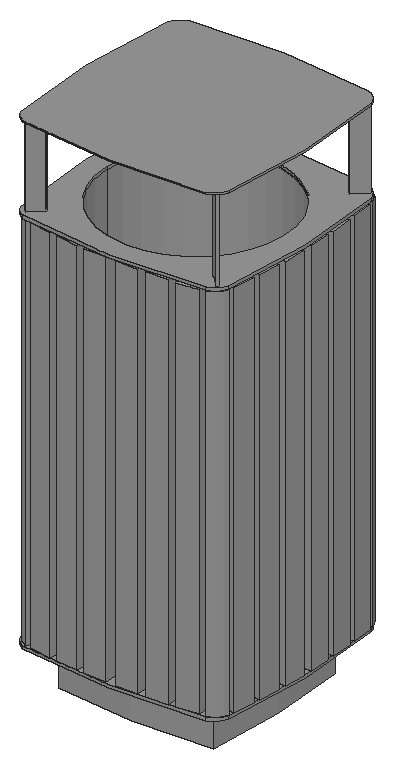
Revit family "52967 Урна «Стеллар Вуд» квадратная с крышкой Хоббика", category Антураж, Revit 2018
Family settings
  На основе рабочей плоскости = Нет
  Всегда вертикально = Да
  При загрузке вырезать с полостями = Нет
  Источник визуального образа = Геометрия семейства
  Общий = Нет
  Точка расчета площади = Нет
Parameters (values of type "Урна «Стеллар Вуд» квадратная с крышкой")
  Ширина = 400 mm  # constant formula
  Цвет урны = Сталь
  Цвет отделки = Дерево
  Описание = "Урна «Стеллар Вуд» квадратная с крышкой"  # constant formula
  Материал изделия = "Сталь, дерево"  # constant formula
  Изображение типоразмера = Урна «Стеллар Вуд» квадратная с крышкой Арт 52967.jpg
  Изготовитель = "ООО «Хоббика»"  # constant formula
  Длина = 400 mm  # constant formula
  Группа модели = "Уличные урны"  # constant formula
  Высота = 940 mm  # constant formula
  Артикул товара = "Арт. 52967"  # constant formula
  URL = "https://hobbyka.ru/product/urna_stellar_kvadratnaya_s_kryshkoy/"
Reference planes
  plane 1 "По центру (Вперед/Назад)": y = 0
  plane 2: z = 0
  plane 3 "По центру (Влево/Вправо)": x = 0
  plane 4: x = 400
  plane 5: y = 400
  plane 6: z = 940
Forms (mm)
  Extrusion 1, solid, material "Сталь" <- "Цвет урны"
    sketch origin (0, 0, 0) x (1, 0, 0) y (0, 1, 0)
      loop
        arc (35, 388.124) -> (20.967, 379.033) -> (11.876, 365) r 40
        arc (11.876, 365) -> (-0.682, 197.5) -> (11.876, 30) r 1123.39
        arc (11.876, 30) -> (19.523, 19.523) -> (30, 11.876) r 42.042
        arc (30, 11.876) -> (197.5, -0.682) -> (365, 11.876) r 1123.39
        arc (365, 11.876) -> (379.033, 20.967) -> (388.124, 35) r 40
        arc (388.124, 35) -> (399.947, 197.5) -> (388.124, 360) r 1122.655
        arc (388.124, 360) -> (377.975, 377.975) -> (360, 388.124) r 38.503
        arc (360, 388.124) -> (197.5, 399.947) -> (35, 388.124) r 1122.655
      loop
        circle (197.5, 197.5) r 162.156
    from 780 to 785
  Extrusion 2, solid, material "Сталь" <- "Цвет урны"
    sketch origin (0, 0, 0) x (1, 0, 0) y (0, 1, 0)
      loop
        arc (35, 388.124) -> (20.967, 379.033) -> (11.876, 365) r 40
        arc (11.876, 365) -> (-0.682, 197.5) -> (11.876, 30) r 1123.39
        arc (11.876, 30) -> (19.523, 19.523) -> (30, 11.876) r 42.042
        arc (30, 11.876) -> (197.5, -0.682) -> (365, 11.876) r 1123.39
        arc (365, 11.876) -> (379.033, 20.967) -> (388.124, 35) r 40
        arc (388.124, 35) -> (399.947, 197.5) -> (388.124, 360) r 1122.655
        arc (388.124, 360) -> (377.975, 377.975) -> (360, 388.124) r 38.503
        arc (360, 388.124) -> (197.5, 399.947) -> (35, 388.124) r 1122.655
    from 75 to 80
  Extrusion 3, solid, material "Сталь" <- "Цвет урны"
    sketch origin (0, 0, 0) x (1, 0, 0) y (0, 1, 0)
      loop
        arc (340.981, 59.019) -> (349.958, 197.498) -> (340.982, 335.978) r 1072.666
        arc (340.982, 335.978) -> (200.022, 345.654) -> (59.019, 336.644) r 1068.365
        arc (59.019, 336.644) -> (49.956, 197.5) -> (59.019, 58.356) r 1072.752
        arc (59.019, 58.356) -> (200.022, 49.388) -> (340.981, 59.019) r 1073.323
    from 0 to 75
  Extrusion 4, solid, material "Сталь" <- "Цвет урны"
    sketch origin (0, 0, 0) x (1, 0, 0) y (0, 1, 0)
      loop
        arc (354.305, 349.302) -> (200.026, 360.706) -> (45.695, 350.021) r 1083.417
        arc (45.695, 350.021) -> (34.949, 197.5) -> (45.695, 44.979) r 1087.759
        arc (45.695, 44.979) -> (200.026, 34.343) -> (354.305, 45.695) r 1088.368
        arc (354.305, 45.695) -> (364.951, 197.498) -> (354.305, 349.302) r 1087.659
    from 80 to 780
  Extrusion 5, void
    sketch origin (0, 0, 0) x (1, 0, 0) y (0, 1, 0)
      loop
        circle (197.5, 197.5) r 162.156
    from 88.012 to 836.055
  Extrusion 6, solid, material "Дерево" <- "Цвет отделки"
    sketch origin (0, 0, 0) x (1, 0, 0) y (0, 1, 0)
      loop
        arc (35, 388.124) -> (20.967, 379.033) -> (11.876, 365) r 40
        line (11.876, 365) -> (40.927, 356.291)
        arc (40.927, 356.291) -> (42.18, 357.82) -> (43.709, 359.073) r 10
        line (43.709, 359.073) -> (35, 388.124)
      loop
        arc (11.876, 35) -> (20.967, 20.967) -> (35, 11.876) r 40
        line (35, 11.876) -> (43.709, 40.927)
        arc (43.709, 40.927) -> (42.18, 42.18) -> (40.927, 43.709) r 10
        line (40.927, 43.709) -> (11.876, 35)
      loop
        arc (365, 11.876) -> (379.033, 20.967) -> (388.124, 35) r 40
        line (388.124, 35) -> (359.073, 43.709)
        arc (359.073, 43.709) -> (357.82, 42.18) -> (356.291, 40.927) r 10
        line (356.291, 40.927) -> (365, 11.876)
      loop
        arc (388.124, 365) -> (379.033, 379.033) -> (365, 388.124) r 40
        line (365, 388.124) -> (356.291, 359.073)
        arc (356.291, 359.073) -> (357.82, 357.82) -> (359.073, 356.291) r 10
        line (359.073, 356.291) -> (388.124, 365)
    from 82 to 778
  Extrusion 7, solid, material "Дерево" <- "Цвет отделки"
    sketch origin (0, 0, 0) x (1, 0, 0) y (0, 1, 0)
      loop
        arc (84.615, 394.285) -> (64.736, 392.087) -> (44.9, 389.534) r 1117.708
        line (44.9, 389.534) -> (48.996, 359.815)
        arc (48.996, 359.815) -> (68.3, 362.299) -> (87.645, 364.438) r 1087.708
        line (87.645, 364.438) -> (84.615, 394.285)
    from 82 to 778
  Extrusion 8, solid, material "Дерево" <- "Цвет отделки"
    sketch origin (176.047, 26.193, 0) x (0.971782, -0.235882, 0) y (0.235882, 0.971782, 0)
      loop
        arc (88.294, 395.323) -> (68.416, 393.125) -> (48.58, 390.572) r 1117.708
        line (48.58, 390.572) -> (52.675, 360.853)
        arc (52.675, 360.853) -> (71.979, 363.338) -> (91.324, 365.477) r 1087.708
        line (91.324, 365.477) -> (88.294, 395.323)
    from 82 to 778
  Extrusion 9, solid, material "Дерево" <- "Цвет отделки"
    sketch origin (34.63, 8.583, 0) x (0.998866, -0.047607, 0) y (0.047607, 0.998866, 0)
      loop
        arc (84.377, 394.279) -> (64.498, 392.081) -> (44.662, 389.528) r 1117.708
        line (44.662, 389.528) -> (48.758, 359.809)
        arc (48.758, 359.809) -> (68.062, 362.294) -> (87.407, 364.433) r 1087.708
        line (87.407, 364.433) -> (84.377, 394.279)
    from 82 to 778
  Extrusion 10, solid, material "Дерево" <- "Цвет отделки"
    sketch origin (69.63, 15.508, 0) x (0.995467, -0.095107, 0) y (0.095107, 0.995467, 0)
      loop
        arc (84.139, 394.262) -> (64.261, 392.064) -> (44.425, 389.511) r 1117.708
        line (44.425, 389.511) -> (48.52, 359.792)
        arc (48.52, 359.792) -> (67.824, 362.277) -> (87.169, 364.416) r 1087.708
        line (87.169, 364.416) -> (84.139, 394.262)
    from 82 to 778
  Extrusion 11, solid, material "Дерево" <- "Цвет отделки"
    sketch origin (104.919, 20.758, 0) x (0.989811, -0.14239, 0) y (0.14239, 0.989811, 0)
      loop
        arc (88.852, 394.946) -> (68.973, 392.748) -> (49.137, 390.195) r 1117.708
        line (49.137, 390.195) -> (53.233, 360.476)
        arc (53.233, 360.476) -> (72.537, 362.96) -> (91.882, 365.099) r 1087.708
        line (91.882, 365.099) -> (88.852, 394.946)
    from 82 to 778
  Extrusion 12, solid, material "Дерево" <- "Цвет отделки"
    sketch origin (140.418, 24.323, 0) x (0.981909, -0.189351, 0) y (0.189351, 0.981909, 0)
      loop
        arc (88.578, 395.141) -> (68.699, 392.943) -> (48.863, 390.39) r 1117.708
        line (48.863, 390.39) -> (52.959, 360.671)
        arc (52.959, 360.671) -> (72.262, 363.156) -> (91.608, 365.295) r 1087.708
        line (91.608, 365.295) -> (88.578, 395.141)
    from 82 to 778
  Extrusion 13, solid, material "Дерево" <- "Цвет отделки"
    sketch origin (0, 395, 0) x (0, -1, 0) y (1, 0, 0)
      loop
        arc (79.615, 394.285) -> (59.737, 392.081) -> (39.9, 389.534) r 1159.796
        line (39.9, 389.534) -> (43.996, 359.815)
        arc (43.996, 359.815) -> (63.3, 362.293) -> (82.645, 364.438) r 1129.796
        line (82.645, 364.438) -> (79.615, 394.285)
    from 82 to 778
  Extrusion 14, solid, material "Дерево" <- "Цвет отделки"
    sketch origin (26.193, 218.953, 0) x (-0.235882, -0.971782, 0) y (0.971782, -0.235882, 0)
      loop
        arc (83.435, 394.144) -> (63.557, 391.946) -> (43.721, 389.393) r 1117.708
        line (43.721, 389.393) -> (47.817, 359.674)
        arc (47.817, 359.674) -> (67.12, 362.158) -> (86.465, 364.297) r 1087.708
        line (86.465, 364.297) -> (83.435, 394.144)
    from 82 to 778
  Extrusion 15, solid, material "Дерево" <- "Цвет отделки"
    sketch origin (8.583, 360.37, 0) x (-0.047607, -0.998866, 0) y (0.998866, -0.047607, 0)
      loop
        arc (79.382, 394.041) -> (59.504, 391.843) -> (39.668, 389.29) r 1117.708
        line (39.668, 389.29) -> (43.764, 359.571)
        arc (43.764, 359.571) -> (63.067, 362.056) -> (82.412, 364.195) r 1087.708
        line (82.412, 364.195) -> (79.382, 394.041)
    from 82 to 778
  Extrusion 16, solid, material "Дерево" <- "Цвет отделки"
    sketch origin (15.508, 325.37, 0) x (-0.095107, -0.995467, 0) y (0.995467, -0.095107, 0)
      loop
        arc (79.162, 393.787) -> (59.283, 391.589) -> (39.447, 389.036) r 1117.708
        line (39.447, 389.036) -> (43.543, 359.317)
        arc (43.543, 359.317) -> (62.847, 361.801) -> (82.192, 363.94) r 1087.708
        line (82.192, 363.94) -> (79.162, 393.787)
    from 82 to 778
  Extrusion 17, solid, material "Дерево" <- "Цвет отделки"
    sketch origin (20.758, 290.081, 0) x (-0.14239, -0.989811, 0) y (0.989811, -0.14239, 0)
      loop
        arc (83.903, 394.234) -> (64.024, 392.036) -> (44.188, 389.483) r 1117.708
        line (44.188, 389.483) -> (48.284, 359.764)
        arc (48.284, 359.764) -> (67.588, 362.248) -> (86.933, 364.387) r 1087.708
        line (86.933, 364.387) -> (83.903, 394.234)
    from 82 to 778
  Extrusion 18, solid, material "Дерево" <- "Цвет отделки"
    sketch origin (24.323, 254.582, 0) x (-0.189351, -0.981909, 0) y (0.981909, -0.189351, 0)
      loop
        arc (83.668, 394.194) -> (63.789, 391.997) -> (43.953, 389.443) r 1117.708
        line (43.953, 389.443) -> (48.049, 359.724)
        arc (48.049, 359.724) -> (67.353, 362.209) -> (86.698, 364.348) r 1087.708
        line (86.698, 364.348) -> (83.668, 394.194)
    from 82 to 778
  Extrusion 19, solid, material "Дерево" <- "Цвет отделки"
    sketch origin (395, 395, 0) x (-1, 0, 0) y (0, -1, 0)
      loop
        arc (79.615, 389.285) -> (59.737, 387.081) -> (39.9, 384.534) r 1159.796
        line (39.9, 384.534) -> (43.996, 354.815)
        arc (43.996, 354.815) -> (63.3, 357.293) -> (82.645, 359.438) r 1129.796
        line (82.645, 359.438) -> (79.615, 389.285)
    from 82 to 778
  Extrusion 20, solid, material "Дерево" <- "Цвет отделки"
    sketch origin (218.953, 368.807, 0) x (-0.971782, 0.235882, 0) y (-0.235882, -0.971782, 0)
      loop
        arc (84.615, 389.285) -> (64.736, 387.087) -> (44.9, 384.534) r 1117.708
        line (44.9, 384.534) -> (48.996, 354.815)
        arc (48.996, 354.815) -> (68.3, 357.299) -> (87.645, 359.438) r 1087.708
        line (87.645, 359.438) -> (84.615, 389.285)
    from 82 to 778
  Extrusion 21, solid, material "Дерево" <- "Цвет отделки"
    sketch origin (360.37, 386.417, 0) x (-0.998866, 0.047607, 0) y (-0.047607, -0.998866, 0)
      loop
        arc (79.62, 389.047) -> (59.742, 386.849) -> (39.906, 384.296) r 1117.708
        line (39.906, 384.296) -> (44.002, 354.577)
        arc (44.002, 354.577) -> (63.305, 357.061) -> (82.65, 359.2) r 1087.708
        line (82.65, 359.2) -> (79.62, 389.047)
    from 82 to 778
  Extrusion 22, solid, material "Дерево" <- "Цвет отделки"
    sketch origin (325.37, 379.492, 0) x (-0.995467, 0.095107, 0) y (-0.095107, -0.995467, 0)
      loop
        arc (79.637, 388.809) -> (59.759, 386.611) -> (39.923, 384.058) r 1117.708
        line (39.923, 384.058) -> (44.019, 354.339)
        arc (44.019, 354.339) -> (63.322, 356.824) -> (82.667, 358.963) r 1087.708
        line (82.667, 358.963) -> (79.637, 388.809)
    from 82 to 778
  Extrusion 23, solid, material "Дерево" <- "Цвет отделки"
    sketch origin (290.081, 374.242, 0) x (-0.989811, 0.14239, 0) y (-0.14239, -0.989811, 0)
      loop
        arc (84.615, 389.285) -> (64.736, 387.087) -> (44.9, 384.534) r 1117.708
        line (44.9, 384.534) -> (48.996, 354.815)
        arc (48.996, 354.815) -> (68.3, 357.299) -> (87.645, 359.438) r 1087.708
        line (87.645, 359.438) -> (84.615, 389.285)
    from 82 to 778
  Extrusion 24, solid, material "Дерево" <- "Цвет отделки"
    sketch origin (254.582, 370.677, 0) x (-0.981909, 0.189351, 0) y (-0.189351, -0.981909, 0)
      loop
        arc (84.615, 389.285) -> (64.736, 387.087) -> (44.9, 384.534) r 1117.708
        line (44.9, 384.534) -> (48.996, 354.815)
        arc (48.996, 354.815) -> (68.3, 357.299) -> (87.645, 359.438) r 1087.708
        line (87.645, 359.438) -> (84.615, 389.285)
    from 82 to 778
  Extrusion 25, solid, material "Дерево" <- "Цвет отделки"
    sketch origin (395, 0, 0) x (0, 1, 0) y (-1, 0, 0)
      loop
        arc (84.615, 389.285) -> (64.736, 387.087) -> (44.9, 384.534) r 1117.708
        line (44.9, 384.534) -> (48.996, 354.815)
        arc (48.996, 354.815) -> (68.3, 357.299) -> (87.645, 359.438) r 1087.708
        line (87.645, 359.438) -> (84.615, 389.285)
    from 82 to 778
  Extrusion 26, solid, material "Дерево" <- "Цвет отделки"
    sketch origin (368.807, 176.047, 0) x (0.235882, 0.971782, 0) y (-0.971782, 0.235882, 0)
      loop
        arc (89.474, 390.464) -> (69.595, 388.266) -> (49.759, 385.713) r 1117.708
        line (49.759, 385.713) -> (53.855, 355.994)
        arc (53.855, 355.994) -> (73.159, 358.479) -> (92.504, 360.618) r 1087.708
        line (92.504, 360.618) -> (89.474, 390.464)
    from 82 to 778
  Extrusion 27, solid, material "Дерево" <- "Цвет отделки"
    sketch origin (386.417, 34.63, 0) x (0.047607, 0.998866, 0) y (-0.998866, 0.047607, 0)
      loop
        arc (84.615, 389.285) -> (64.736, 387.087) -> (44.9, 384.534) r 1117.708
        line (44.9, 384.534) -> (48.996, 354.815)
        arc (48.996, 354.815) -> (68.3, 357.299) -> (87.645, 359.438) r 1087.708
        line (87.645, 359.438) -> (84.615, 389.285)
    from 82 to 778
  Extrusion 28, solid, material "Дерево" <- "Цвет отделки"
    sketch origin (379.492, 69.63, 0) x (0.095107, 0.995467, 0) y (-0.995467, 0.095107, 0)
      loop
        arc (84.615, 389.285) -> (64.736, 387.087) -> (44.9, 384.534) r 1117.708
        line (44.9, 384.534) -> (48.996, 354.815)
        arc (48.996, 354.815) -> (68.3, 357.299) -> (87.645, 359.438) r 1087.708
        line (87.645, 359.438) -> (84.615, 389.285)
    from 82 to 778
  Extrusion 29, solid, material "Дерево" <- "Цвет отделки"
    sketch origin (374.242, 104.919, 0) x (0.14239, 0.989811, 0) y (-0.989811, 0.14239, 0)
      loop
        arc (89.564, 389.997) -> (69.685, 387.799) -> (49.849, 385.246) r 1117.708
        line (49.849, 385.246) -> (53.945, 355.527)
        arc (53.945, 355.527) -> (73.249, 358.011) -> (92.594, 360.15) r 1087.708
        line (92.594, 360.15) -> (89.564, 389.997)
    from 82 to 778
  Extrusion 30, solid, material "Дерево" <- "Цвет отделки"
    sketch origin (370.677, 140.418, 0) x (0.189351, 0.981909, 0) y (-0.981909, 0.189351, 0)
      loop
        arc (89.524, 390.232) -> (69.646, 388.034) -> (49.81, 385.481) r 1117.708
        line (49.81, 385.481) -> (53.906, 355.761)
        arc (53.906, 355.761) -> (73.209, 358.246) -> (92.554, 360.385) r 1087.708
        line (92.554, 360.385) -> (89.524, 390.232)
    from 82 to 778
  Extrusion 31, solid, material "Сталь" <- "Цвет урны"
    sketch origin (0, 0, 0) x (1, 0, 0) y (0, 1, 0)
      loop
        arc (35, 388.124) -> (20.967, 379.033) -> (11.876, 365) r 40
        arc (11.876, 365) -> (-0.682, 197.5) -> (11.876, 30) r 1123.39
        arc (11.876, 30) -> (19.523, 19.523) -> (30, 11.876) r 42.042
        arc (30, 11.876) -> (197.5, -0.682) -> (365, 11.876) r 1123.39
        arc (365, 11.876) -> (379.033, 20.967) -> (388.124, 35) r 40
        arc (388.124, 35) -> (399.947, 197.5) -> (388.124, 360) r 1122.655
        arc (388.124, 360) -> (377.975, 377.975) -> (360, 388.124) r 38.503
        arc (360, 388.124) -> (197.5, 399.947) -> (35, 388.124) r 1122.655
    from 938 to 940
  Extrusion 32, solid, material "Сталь" <- "Цвет урны"
    sketch origin (0, 0, 0) x (1, 0, 0) y (0, 1, 0)
      loop
        arc (26.333, 377.202) -> (24.502, 375.498) -> (22.798, 373.667) r 35
        line (22.798, 373.667) -> (44.421, 352.043)
        arc (44.421, 352.043) -> (45.715, 354.285) -> (47.957, 355.579) r 5
        line (47.957, 355.579) -> (26.333, 377.202)
      loop
        arc (355.579, 47.957) -> (354.285, 45.715) -> (352.043, 44.421) r 5
        line (352.043, 44.421) -> (373.667, 22.798)
        arc (373.667, 22.798) -> (375.498, 24.502) -> (377.202, 26.333) r 35
        line (377.202, 26.333) -> (355.579, 47.957)
      loop
        arc (22.798, 26.333) -> (24.502, 24.502) -> (26.333, 22.798) r 35
        line (26.333, 22.798) -> (47.957, 44.421)
        arc (47.957, 44.421) -> (45.715, 45.715) -> (44.421, 47.957) r 5
        line (44.421, 47.957) -> (22.798, 26.333)
      loop
        arc (352.043, 355.579) -> (354.285, 354.285) -> (355.579, 352.043) r 5
        line (355.579, 352.043) -> (377.202, 373.667)
        arc (377.202, 373.667) -> (375.498, 375.498) -> (373.667, 377.202) r 35
        line (373.667, 377.202) -> (352.043, 355.579)
    from 785 to 938
Cuts and joins
  Extrusion 5 cuts Extrusion 2
  Extrusion 5 cuts Extrusion 3
  Extrusion 5 cuts Extrusion 4
Lines and regions (mm)
  symbolic lines
    curve 1: line (355.1, 389.534, 0) -> (351.004, 359.815, 0)
Dimensions and locks
  "Длина": plane 4 to plane 3 "По центру (Влево/Вправо)"
  "Ширина": plane 5 to plane 1 "По центру (Вперед/Назад)"
  "Высота": plane 6 to plane 2
  aligned and locked: level to plane 2
Automatic sketch dimensions
  curve 1 to plane 4 = 48.996 mm
  curve 1 to plane 5 = 40.185 mm
  curve 1 to plane 5 = 10.466 mm
  curve 1 to curve 1 = 4.096 mm
  Extrusion 1 sketch curve to plane 1 "По центру (Вперед/Назад)" = 197.5 mm  (x3)
  Extrusion 1 sketch curve to plane 3 "По центру (Влево/Вправо)" = 722.708 mm
  plane 3 "По центру (Влево/Вправо)" to Extrusion 1 sketch curve = 49.251 mm  (x2)
  plane 3 "По центру (Влево/Вправо)" to Extrusion 1 sketch curve = 197.5 mm  (x3)
  Extrusion 1 sketch curve to plane 4 = 49.251 mm  (x2)
  plane 4 to Extrusion 1 sketch curve = 722.708 mm
  Extrusion 1 sketch curve to plane 1 "По центру (Вперед/Назад)" = 49.251 mm  (x2)
  plane 1 "По центру (Вперед/Назад)" to Extrusion 1 sketch curve = 722.708 mm
  Extrusion 1 sketch curve to plane 5 = 49.251 mm  (x2)
  plane 5 to Extrusion 1 sketch curve = 722.708 mm
  plane 3 "По центру (Влево/Вправо)" to Extrusion 1 sketch curve = 11.876 mm  (x2)
  Extrusion 1 sketch curve to plane 1 "По центру (Вперед/Назад)" = 11.876 mm  (x2)
  Extrusion 1 sketch curve to Extrusion 1 sketch curve = 18.124 mm
  Extrusion 1 sketch curve to plane 5 = 11.876 mm  (x2)
  Extrusion 1 sketch curve to Extrusion 1 sketch curve = 23.124 mm
  Extrusion 2 sketch curve to plane 1 "По центру (Вперед/Назад)" = 197.5 mm  (x2)
  Extrusion 2 sketch curve to plane 3 "По центру (Влево/Вправо)" = 722.708 mm
  plane 3 "По центру (Влево/Вправо)" to Extrusion 2 sketch curve = 49.251 mm  (x2)
  plane 3 "По центру (Влево/Вправо)" to Extrusion 2 sketch curve = 197.5 mm  (x2)
  Extrusion 2 sketch curve to plane 4 = 49.251 mm  (x2)
  plane 4 to Extrusion 2 sketch curve = 722.708 mm
  Extrusion 2 sketch curve to plane 1 "По центру (Вперед/Назад)" = 49.251 mm  (x2)
  plane 1 "По центру (Вперед/Назад)" to Extrusion 2 sketch curve = 722.708 mm
  Extrusion 2 sketch curve to plane 5 = 49.251 mm  (x2)
  plane 5 to Extrusion 2 sketch curve = 722.708 mm
  plane 3 "По центру (Влево/Вправо)" to Extrusion 2 sketch curve = 11.876 mm  (x2)
  Extrusion 2 sketch curve to plane 1 "По центру (Вперед/Назад)" = 11.876 mm  (x2)
  Extrusion 2 sketch curve to Extrusion 2 sketch curve = 18.124 mm
  Extrusion 2 sketch curve to plane 5 = 11.876 mm  (x2)
  Extrusion 2 sketch curve to Extrusion 2 sketch curve = 23.124 mm
  Extrusion 3 sketch curve to plane 1 "По центру (Вперед/Назад)" = 197.5 mm  (x2)
  Extrusion 3 sketch curve to plane 3 "По центру (Влево/Вправо)" = 722.708 mm
  plane 3 "По центру (Влево/Вправо)" to Extrusion 3 sketch curve = 197.5 mm  (x2)
  plane 4 to Extrusion 3 sketch curve = 722.708 mm
  plane 1 "По центру (Вперед/Назад)" to Extrusion 3 sketch curve = 722.708 mm
  plane 5 to Extrusion 3 sketch curve = 722.708 mm
  plane 3 "По центру (Влево/Вправо)" to Extrusion 3 sketch curve = 59.019 mm  (x2)
  Extrusion 3 sketch curve to plane 4 = 59.019 mm
  Extrusion 3 sketch curve to plane 1 "По центру (Вперед/Назад)" = 59.019 mm
  Extrusion 4 sketch curve to plane 1 "По центру (Вперед/Назад)" = 197.5 mm  (x2)
  Extrusion 4 sketch curve to plane 3 "По центру (Влево/Вправо)" = 722.708 mm
  plane 3 "По центру (Влево/Вправо)" to Extrusion 4 sketch curve = 197.5 mm  (x2)
  plane 4 to Extrusion 4 sketch curve = 722.708 mm
  plane 1 "По центру (Вперед/Назад)" to Extrusion 4 sketch curve = 722.708 mm
  plane 5 to Extrusion 4 sketch curve = 722.708 mm
  plane 3 "По центру (Влево/Вправо)" to Extrusion 4 sketch curve = 45.695 mm  (x2)
  Extrusion 4 sketch curve to plane 4 = 45.695 mm
  Extrusion 4 sketch curve to plane 1 "По центру (Вперед/Назад)" = 45.695 mm
  Extrusion 6 sketch curve to Extrusion 6 sketch curve = 0 mm  (x8)
  plane 3 "По центру (Влево/Вправо)" to Extrusion 6 sketch curve = 11.876 mm  (x2)
  Extrusion 6 sketch curve to plane 1 "По центру (Вперед/Назад)" = 11.876 mm  (x2)
  Extrusion 6 sketch curve to Extrusion 6 sketch curve = 23.124 mm  (x4)
  Extrusion 6 sketch curve to plane 5 = 11.876 mm  (x2)
  Extrusion 6 sketch curve to Extrusion 6 sketch curve = 29.051 mm  (x2)
  Extrusion 6 sketch curve to Extrusion 6 sketch curve = 2.782 mm  (x4)
  Extrusion 6 sketch curve to Extrusion 6 sketch curve = 5.542 mm  (x5)
  Extrusion 6 sketch curve to Extrusion 6 sketch curve = 8.324 mm  (x3)
  Extrusion 6 sketch curve to plane 4 = 49.251 mm  (x2)
  Extrusion 6 sketch curve to Extrusion 6 sketch curve = 8.709 mm  (x2)
  Extrusion 6 sketch curve to plane 4 = 11.876 mm  (x2)
  Extrusion 6 sketch curve to Extrusion 6 sketch curve = 37.375 mm  (x2)
  Extrusion 7 sketch curve to Extrusion 7 sketch curve = 0 mm  (x2)
  Extrusion 7 sketch curve to plane 5 = 10.466 mm
  plane 3 "По центру (Влево/Вправо)" to Extrusion 7 sketch curve = 44.9 mm
  Extrusion 7 sketch curve to Extrusion 7 sketch curve = 4.096 mm
  Extrusion 7 sketch curve to plane 5 = 5.715 mm
  Extrusion 7 sketch curve to Extrusion 7 sketch curve = 39.715 mm
  Extrusion 7 sketch curve to plane 5 = 35.562 mm
  Extrusion 7 sketch curve to Extrusion 7 sketch curve = 3.03 mm
  plane 3 "По центру (Влево/Вправо)" to Extrusion 7 sketch curve = 197.5 mm
  Extrusion 8 sketch curve to Extrusion 8 sketch curve = 0 mm  (x2)
  Extrusion 8 sketch curve to plane 5 = 5.715 mm
  Extrusion 8 sketch curve to plane 4 = 84.615 mm
  Extrusion 8 sketch curve to Extrusion 8 sketch curve = 4.096 mm
  Extrusion 8 sketch curve to Extrusion 8 sketch curve = 39.715 mm
  Extrusion 8 sketch curve to Extrusion 8 sketch curve = 3.03 mm
  Extrusion 8 sketch curve to Extrusion 8 sketch curve = 148.504 mm
  Extrusion 8 sketch curve to Extrusion 8 sketch curve = 25.096 mm
  Extrusion 8 sketch curve to Extrusion 8 sketch curve = 29.719 mm
  Extrusion 9 sketch curve to Extrusion 9 sketch curve = 0 mm  (x2)
  Extrusion 9 sketch curve to plane 5 = 4.457 mm
  plane 3 "По центру (Влево/Вправо)" to Extrusion 9 sketch curve = 97.786 mm
  Extrusion 9 sketch curve to Extrusion 9 sketch curve = 4.096 mm
  Extrusion 9 sketch curve to Extrusion 9 sketch curve = 39.715 mm
  Extrusion 9 sketch curve to Extrusion 9 sketch curve = 3.03 mm
  Extrusion 9 sketch curve to Extrusion 9 sketch curve = 148.504 mm
  Extrusion 9 sketch curve to Extrusion 9 sketch curve = 25.096 mm
  Extrusion 9 sketch curve to Extrusion 9 sketch curve = 29.719 mm
  Extrusion 10 sketch curve to Extrusion 10 sketch curve = 0 mm  (x2)
  Extrusion 10 sketch curve to plane 5 = 0.972 mm
  plane 3 "По центру (Влево/Вправо)" to Extrusion 10 sketch curve = 150.898 mm
  Extrusion 10 sketch curve to Extrusion 10 sketch curve = 4.096 mm
  Extrusion 10 sketch curve to Extrusion 10 sketch curve = 39.715 mm
  Extrusion 10 sketch curve to Extrusion 10 sketch curve = 3.03 mm
  Extrusion 10 sketch curve to Extrusion 10 sketch curve = 109.855 mm
  Extrusion 10 sketch curve to Extrusion 10 sketch curve = 25.096 mm
  Extrusion 10 sketch curve to Extrusion 10 sketch curve = 29.719 mm
  Extrusion 11 sketch curve to Extrusion 11 sketch curve = 0 mm  (x2)
  Extrusion 11 sketch curve to plane 5 = 0.02 mm
  Extrusion 11 sketch curve to plane 4 = 190.884 mm
  Extrusion 11 sketch curve to Extrusion 11 sketch curve = 4.096 mm
  Extrusion 11 sketch curve to Extrusion 11 sketch curve = 39.715 mm
  Extrusion 11 sketch curve to Extrusion 11 sketch curve = 3.03 mm
  Extrusion 11 sketch curve to Extrusion 11 sketch curve = 148.504 mm
  Extrusion 11 sketch curve to Extrusion 11 sketch curve = 25.096 mm
  Extrusion 11 sketch curve to Extrusion 11 sketch curve = 29.719 mm
  Extrusion 12 sketch curve to Extrusion 12 sketch curve = 0 mm  (x2)
  Extrusion 12 sketch curve to plane 5 = 1.602 mm
  Extrusion 12 sketch curve to plane 4 = 137.682 mm
  Extrusion 12 sketch curve to Extrusion 12 sketch curve = 4.096 mm
  Extrusion 12 sketch curve to Extrusion 12 sketch curve = 39.715 mm
  Extrusion 12 sketch curve to Extrusion 12 sketch curve = 3.03 mm
  Extrusion 12 sketch curve to Extrusion 12 sketch curve = 148.504 mm
  Extrusion 12 sketch curve to Extrusion 12 sketch curve = 25.096 mm
  Extrusion 12 sketch curve to Extrusion 12 sketch curve = 29.719 mm
  Extrusion 13 sketch curve to Extrusion 13 sketch curve = 0 mm  (x2)
  Extrusion 13 sketch curve to plane 4 = 10.466 mm
  Extrusion 13 sketch curve to plane 5 = 44.9 mm
  Extrusion 13 sketch curve to Extrusion 13 sketch curve = 4.096 mm
  Extrusion 13 sketch curve to plane 4 = 5.715 mm
  Extrusion 13 sketch curve to Extrusion 13 sketch curve = 39.715 mm
  Extrusion 13 sketch curve to plane 4 = 35.562 mm
  Extrusion 13 sketch curve to Extrusion 13 sketch curve = 3.03 mm
  Extrusion 13 sketch curve to plane 1 "По центру (Вперед/Назад)" = 197.5 mm
  Extrusion 14 sketch curve to Extrusion 14 sketch curve = 0 mm  (x2)
  Extrusion 14 sketch curve to plane 4 = 5.715 mm
  Extrusion 14 sketch curve to plane 1 "По центру (Вперед/Назад)" = 84.615 mm
  Extrusion 14 sketch curve to Extrusion 14 sketch curve = 4.096 mm
  Extrusion 14 sketch curve to Extrusion 14 sketch curve = 39.715 mm
  Extrusion 14 sketch curve to Extrusion 14 sketch curve = 3.03 mm
  Extrusion 14 sketch curve to Extrusion 14 sketch curve = 109.855 mm
  Extrusion 14 sketch curve to Extrusion 14 sketch curve = 25.096 mm
  Extrusion 14 sketch curve to Extrusion 14 sketch curve = 29.719 mm
  Extrusion 15 sketch curve to Extrusion 15 sketch curve = 0 mm  (x2)
  Extrusion 15 sketch curve to plane 4 = 4.457 mm
  Extrusion 15 sketch curve to plane 5 = 97.786 mm
  Extrusion 15 sketch curve to Extrusion 15 sketch curve = 4.096 mm
  Extrusion 15 sketch curve to Extrusion 15 sketch curve = 39.715 mm
  Extrusion 15 sketch curve to Extrusion 15 sketch curve = 3.03 mm
  Extrusion 15 sketch curve to Extrusion 15 sketch curve = 109.855 mm
  Extrusion 15 sketch curve to Extrusion 15 sketch curve = 25.096 mm
  Extrusion 15 sketch curve to Extrusion 15 sketch curve = 29.719 mm
  Extrusion 16 sketch curve to Extrusion 16 sketch curve = 0 mm  (x2)
  Extrusion 16 sketch curve to plane 4 = 0.972 mm
  Extrusion 16 sketch curve to plane 5 = 150.898 mm
  Extrusion 16 sketch curve to Extrusion 16 sketch curve = 4.096 mm
  Extrusion 16 sketch curve to Extrusion 16 sketch curve = 39.715 mm
  Extrusion 16 sketch curve to Extrusion 16 sketch curve = 3.03 mm
  Extrusion 16 sketch curve to Extrusion 16 sketch curve = 148.504 mm
  Extrusion 16 sketch curve to Extrusion 16 sketch curve = 25.096 mm
  Extrusion 16 sketch curve to Extrusion 16 sketch curve = 29.719 mm
  Extrusion 17 sketch curve to Extrusion 17 sketch curve = 0 mm  (x2)
  Extrusion 17 sketch curve to plane 4 = 0.02 mm
  Extrusion 17 sketch curve to plane 1 "По центру (Вперед/Назад)" = 190.884 mm
  Extrusion 17 sketch curve to Extrusion 17 sketch curve = 4.096 mm
  Extrusion 17 sketch curve to Extrusion 17 sketch curve = 39.715 mm
  Extrusion 17 sketch curve to Extrusion 17 sketch curve = 3.03 mm
  Extrusion 17 sketch curve to Extrusion 17 sketch curve = 148.504 mm
  Extrusion 17 sketch curve to Extrusion 17 sketch curve = 25.096 mm
  Extrusion 17 sketch curve to Extrusion 17 sketch curve = 29.719 mm
  Extrusion 18 sketch curve to Extrusion 18 sketch curve = 0 mm  (x2)
  Extrusion 18 sketch curve to plane 4 = 1.602 mm
  Extrusion 18 sketch curve to plane 1 "По центру (Вперед/Назад)" = 137.682 mm
  Extrusion 18 sketch curve to Extrusion 18 sketch curve = 4.096 mm
  Extrusion 18 sketch curve to Extrusion 18 sketch curve = 39.715 mm
  Extrusion 18 sketch curve to Extrusion 18 sketch curve = 3.03 mm
  Extrusion 18 sketch curve to Extrusion 18 sketch curve = 148.504 mm
  Extrusion 18 sketch curve to Extrusion 18 sketch curve = 25.096 mm
  Extrusion 18 sketch curve to Extrusion 18 sketch curve = 29.719 mm
  Extrusion 19 sketch curve to Extrusion 19 sketch curve = 0 mm  (x2)
  Extrusion 19 sketch curve to plane 1 "По центру (Вперед/Назад)" = 10.466 mm
  Extrusion 19 sketch curve to plane 4 = 44.9 mm
  Extrusion 19 sketch curve to Extrusion 19 sketch curve = 4.096 mm
  Extrusion 19 sketch curve to plane 1 "По центру (Вперед/Назад)" = 5.715 mm
  Extrusion 19 sketch curve to Extrusion 19 sketch curve = 39.715 mm
  Extrusion 19 sketch curve to plane 1 "По центру (Вперед/Назад)" = 35.562 mm
  Extrusion 19 sketch curve to Extrusion 19 sketch curve = 3.03 mm
  plane 3 "По центру (Влево/Вправо)" to Extrusion 19 sketch curve = 197.5 mm
  Extrusion 20 sketch curve to Extrusion 20 sketch curve = 0 mm  (x2)
  Extrusion 20 sketch curve to plane 1 "По центру (Вперед/Назад)" = 5.715 mm
  plane 3 "По центру (Влево/Вправо)" to Extrusion 20 sketch curve = 84.615 mm
  Extrusion 20 sketch curve to Extrusion 20 sketch curve = 4.096 mm
  Extrusion 20 sketch curve to Extrusion 20 sketch curve = 39.715 mm
  Extrusion 20 sketch curve to Extrusion 20 sketch curve = 3.03 mm
  Extrusion 20 sketch curve to Extrusion 20 sketch curve = 109.855 mm
  Extrusion 20 sketch curve to Extrusion 20 sketch curve = 25.096 mm
  Extrusion 20 sketch curve to Extrusion 20 sketch curve = 29.719 mm
  Extrusion 21 sketch curve to Extrusion 21 sketch curve = 0 mm  (x2)
  Extrusion 21 sketch curve to plane 1 "По центру (Вперед/Назад)" = 4.457 mm
  Extrusion 21 sketch curve to plane 4 = 97.786 mm
  Extrusion 21 sketch curve to Extrusion 21 sketch curve = 4.096 mm
  Extrusion 21 sketch curve to Extrusion 21 sketch curve = 39.715 mm
  Extrusion 21 sketch curve to Extrusion 21 sketch curve = 3.03 mm
  Extrusion 21 sketch curve to Extrusion 21 sketch curve = 109.855 mm
  Extrusion 21 sketch curve to Extrusion 21 sketch curve = 25.096 mm
  Extrusion 21 sketch curve to Extrusion 21 sketch curve = 29.719 mm
  Extrusion 22 sketch curve to Extrusion 22 sketch curve = 0 mm  (x2)
  Extrusion 22 sketch curve to plane 1 "По центру (Вперед/Назад)" = 0.972 mm
  Extrusion 22 sketch curve to plane 4 = 150.898 mm
  Extrusion 22 sketch curve to Extrusion 22 sketch curve = 4.096 mm
  Extrusion 22 sketch curve to Extrusion 22 sketch curve = 39.715 mm
  Extrusion 22 sketch curve to Extrusion 22 sketch curve = 3.03 mm
  Extrusion 22 sketch curve to Extrusion 22 sketch curve = 109.855 mm
  Extrusion 22 sketch curve to Extrusion 22 sketch curve = 25.096 mm
  Extrusion 22 sketch curve to Extrusion 22 sketch curve = 29.719 mm
  Extrusion 23 sketch curve to Extrusion 23 sketch curve = 0 mm  (x2)
  Extrusion 23 sketch curve to plane 1 "По центру (Вперед/Назад)" = 0.02 mm
  plane 3 "По центру (Влево/Вправо)" to Extrusion 23 sketch curve = 190.884 mm
  Extrusion 23 sketch curve to Extrusion 23 sketch curve = 4.096 mm
  Extrusion 23 sketch curve to Extrusion 23 sketch curve = 39.715 mm
  Extrusion 23 sketch curve to Extrusion 23 sketch curve = 3.03 mm
  Extrusion 23 sketch curve to Extrusion 23 sketch curve = 109.855 mm
  Extrusion 23 sketch curve to Extrusion 23 sketch curve = 25.096 mm
  Extrusion 23 sketch curve to Extrusion 23 sketch curve = 29.719 mm
  Extrusion 24 sketch curve to Extrusion 24 sketch curve = 0 mm  (x2)
  Extrusion 24 sketch curve to plane 1 "По центру (Вперед/Назад)" = 1.602 mm
  plane 3 "По центру (Влево/Вправо)" to Extrusion 24 sketch curve = 137.682 mm
  Extrusion 24 sketch curve to Extrusion 24 sketch curve = 4.096 mm
  Extrusion 24 sketch curve to Extrusion 24 sketch curve = 39.715 mm
  Extrusion 24 sketch curve to Extrusion 24 sketch curve = 3.03 mm
  Extrusion 24 sketch curve to Extrusion 24 sketch curve = 109.855 mm
  Extrusion 24 sketch curve to Extrusion 24 sketch curve = 25.096 mm
  Extrusion 24 sketch curve to Extrusion 24 sketch curve = 29.719 mm
  Extrusion 25 sketch curve to Extrusion 25 sketch curve = 0 mm  (x2)
  plane 3 "По центру (Влево/Вправо)" to Extrusion 25 sketch curve = 10.466 mm
  Extrusion 25 sketch curve to plane 1 "По центру (Вперед/Назад)" = 44.9 mm
  Extrusion 25 sketch curve to Extrusion 25 sketch curve = 4.096 mm
  plane 3 "По центру (Влево/Вправо)" to Extrusion 25 sketch curve = 5.715 mm
  Extrusion 25 sketch curve to Extrusion 25 sketch curve = 39.715 mm
  plane 3 "По центру (Влево/Вправо)" to Extrusion 25 sketch curve = 35.562 mm
  Extrusion 25 sketch curve to Extrusion 25 sketch curve = 3.03 mm
  Extrusion 25 sketch curve to plane 1 "По центру (Вперед/Назад)" = 197.5 mm
  Extrusion 26 sketch curve to Extrusion 26 sketch curve = 0 mm  (x2)
  plane 3 "По центру (Влево/Вправо)" to Extrusion 26 sketch curve = 5.715 mm
  Extrusion 26 sketch curve to plane 5 = 84.615 mm
  Extrusion 26 sketch curve to Extrusion 26 sketch curve = 4.096 mm
  Extrusion 26 sketch curve to Extrusion 26 sketch curve = 39.715 mm
  Extrusion 26 sketch curve to Extrusion 26 sketch curve = 3.03 mm
  Extrusion 26 sketch curve to Extrusion 26 sketch curve = 109.855 mm
  Extrusion 26 sketch curve to Extrusion 26 sketch curve = 25.096 mm
  Extrusion 26 sketch curve to Extrusion 26 sketch curve = 29.719 mm
  Extrusion 27 sketch curve to Extrusion 27 sketch curve = 0 mm  (x2)
  plane 3 "По центру (Влево/Вправо)" to Extrusion 27 sketch curve = 4.457 mm
  Extrusion 27 sketch curve to plane 1 "По центру (Вперед/Назад)" = 97.786 mm
  Extrusion 27 sketch curve to Extrusion 27 sketch curve = 4.096 mm
  Extrusion 27 sketch curve to Extrusion 27 sketch curve = 39.715 mm
  Extrusion 27 sketch curve to Extrusion 27 sketch curve = 3.03 mm
  Extrusion 27 sketch curve to Extrusion 27 sketch curve = 109.855 mm
  Extrusion 27 sketch curve to Extrusion 27 sketch curve = 25.096 mm
  Extrusion 27 sketch curve to Extrusion 27 sketch curve = 29.719 mm
  Extrusion 28 sketch curve to Extrusion 28 sketch curve = 0 mm  (x2)
  plane 3 "По центру (Влево/Вправо)" to Extrusion 28 sketch curve = 0.972 mm
  Extrusion 28 sketch curve to plane 1 "По центру (Вперед/Назад)" = 150.898 mm
  Extrusion 28 sketch curve to Extrusion 28 sketch curve = 4.096 mm
  Extrusion 28 sketch curve to Extrusion 28 sketch curve = 39.715 mm
  Extrusion 28 sketch curve to Extrusion 28 sketch curve = 3.03 mm
  Extrusion 28 sketch curve to Extrusion 28 sketch curve = 109.855 mm
  Extrusion 28 sketch curve to Extrusion 28 sketch curve = 25.096 mm
  Extrusion 28 sketch curve to Extrusion 28 sketch curve = 29.719 mm
  Extrusion 29 sketch curve to Extrusion 29 sketch curve = 0 mm  (x2)
  plane 3 "По центру (Влево/Вправо)" to Extrusion 29 sketch curve = 0.02 mm
  Extrusion 29 sketch curve to plane 5 = 190.884 mm
  Extrusion 29 sketch curve to Extrusion 29 sketch curve = 4.096 mm
  Extrusion 29 sketch curve to Extrusion 29 sketch curve = 39.715 mm
  Extrusion 29 sketch curve to Extrusion 29 sketch curve = 3.03 mm
  Extrusion 29 sketch curve to Extrusion 29 sketch curve = 109.855 mm
  Extrusion 29 sketch curve to Extrusion 29 sketch curve = 25.096 mm
  Extrusion 29 sketch curve to Extrusion 29 sketch curve = 29.719 mm
  Extrusion 30 sketch curve to Extrusion 30 sketch curve = 0 mm  (x2)
  plane 3 "По центру (Влево/Вправо)" to Extrusion 30 sketch curve = 1.602 mm
  Extrusion 30 sketch curve to plane 5 = 137.682 mm
  Extrusion 30 sketch curve to Extrusion 30 sketch curve = 4.096 mm
  Extrusion 30 sketch curve to Extrusion 30 sketch curve = 39.715 mm
  Extrusion 30 sketch curve to Extrusion 30 sketch curve = 3.03 mm
  Extrusion 30 sketch curve to Extrusion 30 sketch curve = 109.855 mm
  Extrusion 30 sketch curve to Extrusion 30 sketch curve = 25.096 mm
  Extrusion 30 sketch curve to Extrusion 30 sketch curve = 29.719 mm
  Extrusion 31 sketch curve to plane 1 "По центру (Вперед/Назад)" = 197.5 mm  (x2)
  Extrusion 31 sketch curve to plane 3 "По центру (Влево/Вправо)" = 722.708 mm
  plane 3 "По центру (Влево/Вправо)" to Extrusion 31 sketch curve = 49.251 mm  (x2)
  plane 3 "По центру (Влево/Вправо)" to Extrusion 31 sketch curve = 197.5 mm  (x2)
  Extrusion 31 sketch curve to plane 4 = 49.251 mm  (x2)
  plane 4 to Extrusion 31 sketch curve = 722.708 mm
  Extrusion 31 sketch curve to plane 1 "По центру (Вперед/Назад)" = 49.251 mm  (x2)
  plane 1 "По центру (Вперед/Назад)" to Extrusion 31 sketch curve = 722.708 mm
  Extrusion 31 sketch curve to plane 5 = 49.251 mm  (x2)
  plane 5 to Extrusion 31 sketch curve = 722.708 mm
  plane 3 "По центру (Влево/Вправо)" to Extrusion 31 sketch curve = 11.876 mm  (x2)
  Extrusion 31 sketch curve to plane 1 "По центру (Вперед/Назад)" = 11.876 mm  (x2)
  Extrusion 31 sketch curve to Extrusion 31 sketch curve = 18.124 mm
  Extrusion 31 sketch curve to plane 5 = 11.876 mm  (x2)
  Extrusion 31 sketch curve to Extrusion 31 sketch curve = 23.124 mm
  Extrusion 32 sketch curve to Extrusion 32 sketch curve = 0 mm  (x9)
  plane 3 "По центру (Влево/Вправо)" to Extrusion 32 sketch curve = 22.798 mm  (x2)
  Extrusion 32 sketch curve to Extrusion 32 sketch curve = 3.536 mm  (x9)
  Extrusion 32 sketch curve to Extrusion 32 sketch curve = 21.624 mm  (x2)
  Extrusion 32 sketch curve to Extrusion 32 sketch curve = 1.294 mm  (x5)
  Extrusion 32 sketch curve to plane 4 = 49.251 mm
  Extrusion 32 sketch curve to plane 4 = 26.333 mm  (x2)
  Extrusion 32 sketch curve to plane 1 "По центру (Вперед/Назад)" = 22.798 mm  (x2)
  Extrusion 32 sketch curve to Extrusion 32 sketch curve = 4.83 mm  (x4)
  Extrusion 32 sketch curve to plane 5 = 49.251 mm  (x2)
  Extrusion 32 sketch curve to plane 5 = 26.333 mm  (x2)
  Extrusion 32 sketch curve to Extrusion 32 sketch curve = 22.918 mm
  Extrusion 5 sketch curve to Extrusion 5 sketch curve = 0 mm  (x2)
  plane 3 "По центру (Влево/Вправо)" to Extrusion 5 sketch curve = 197.5 mm
  Extrusion 5 sketch curve to plane 1 "По центру (Вперед/Назад)" = 197.5 mm
  plane 3 "По центру (Влево/Вправо)" to Extrusion 5 sketch curve = 35.344 mm
  radius of Extrusion 1 sketch curve = 162.156 mm
